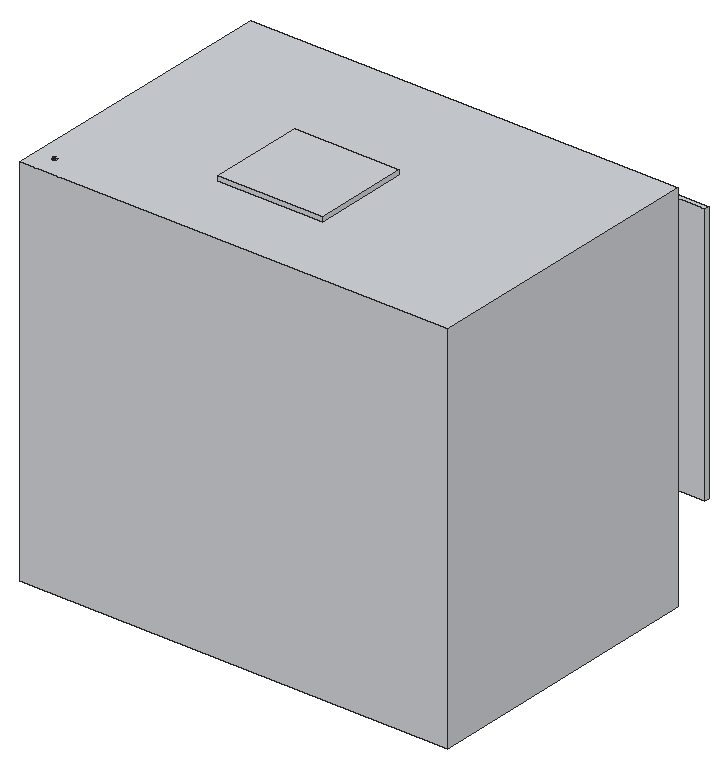
Revit family "M_Ar condicionado - Pacote vertical - Resfriado a ar - 70-211 kW", category Equipamento mecânico, Revit 2019
Family settings
  Cota do conector redondo = Usar raio
  Tipo de parte = Normal
  Número OmniClass = 23.75.10.24.21.27.11
  Título OmniClass = Packaged Air Conditioners
  ID de item do Seek = Air Conditioner - Vertical Packaged - Air Cooled - 70-211 kW-0000-CAN-ENU
  Com base no plano de trabalho = Não
  Sempre na vertical = Sim
  Corte com vazios quando carregada = Não
  Compartilhado = Não
  Ponto de cálculo do ambiente = Não
Parameters (values of type "70 kW")
  Voltagem = 460 V
  Raio da saída = 15 mm
  Diâmetro da saída = Raio da saída * 2  # 30 mm
  Número de pólos = 3
  Material = none
  Classificação de carga = Refrigeração
  Raio da embocadura = 10 mm
  Diâmetro da embocadura = Raio da embocadura * 2  # 20 mm
  Largura do duto 2 = 2400 mm
  Largura do duto 1 = 600 mm
  Altura do duto 2 = 1500 mm
  Altura do duto 1 = 550 mm
  Largura do condicionador = 1651 mm
  Comprimento do condicionador = 2447.9 mm
  Altura do condicionador = 2149.5 mm
  Raio da condensação = 15 mm
  Diâmetro da condensação = Raio da condensação * 2  # 30 mm
  C8 Deslocamento 2 = 596.9 mm
  C8 Deslocamento 1 = 203.2 mm
  C7 Deslocamento 2 = 685.8 mm
  C7 Deslocamento 1 = 800.1 mm
  C6 Deslocamento 2 = 120.7 mm
  C6 Deslocamento 1 = 101.6 mm
  C5 Deslocamento 1 = 1063.6 mm
  C4 Deslocamento 1 = 987.4 mm
  C3 Deslocamento 1 = 898.5 mm
  C2 Deslocamento 2 = 76.2 mm
  C2 Deslocamento 1 = 746.1 mm
  C1 Deslocamento 2 = 308 mm
  C1 Deslocamento 1 = 127 mm
  Carga aparente = 14914 VA
  Fluxo de ar [instance] = 4719.47 L/s
Types (9, lengths in mm): name | Largura do duto 2 | Largura do duto 1 | Altura do duto 2 | Altura do duto 1 | Largura do condicionador | Comprimento do condicionador | Altura do condicionador | C8 Deslocamento 2 | C7 Deslocamento 2 | C7 Deslocamento 1 | C6 Deslocamento 2 | C6 Deslocamento 1 | C5 Deslocamento 1 | C4 Deslocamento 1 | C3 Deslocamento 1 | C2 Deslocamento 1 | C1 Deslocamento 2 | C1 Deslocamento 1 | Carga aparente | Fluxo de ar
  (no name) | 2400 | 600 | 1500 | 550 | 1651 | 2447.9 | 2149.5 | 596.9 | 685.8 | 800.1 | 120.7 | 101.6 | 1063.6 | 987.4 | 898.5 | 746.1 | 308 | 127 | 14914 VA | 4719.47 L/s
  70 kW | 2400 | 600 | 1500 | 550 | 1651 | 2447.9 | 2149.5 | 596.9 | 685.8 | 800.1 | 120.7 | 101.6 | 1063.6 | 987.4 | 898.5 | 746.1 | 308 | 127 | 14914 VA | 4719.47 L/s
  141 kW | 2650 | 850 | 1800 | 800 | 2041.5 | 3060.7 | 2235.2 | 362 | 800.1 | 1112.5 | 139.7 | 120.7 | 1184.3 | 1085.9 | 981.1 | 930.3 | 235 | 152.4 | 22371 VA | 8683.83 L/s
  88 kW | 2400 | 500 | 1500 | 500 | 1651 | 2447.9 | 2149.5 | 596.9 | 589.3 | 800.1 | 120.7 | 101.6 | 1063.6 | 987.4 | 898.5 | 746.1 | 308 | 127 | 14914 VA | 5474.59 L/s
  102 kW | 2050 | 600 | 1500 | 500 | 1651 | 2447.9 | 2149.5 | 596.9 | 589.3 | 810.2 | 120.7 | 101.6 | 1063.6 | 987.4 | 898.5 | 746.1 | 308 | 127 | 14914 VA | 6040.93 L/s
  105 kW | 2100 | 600 | 1500 | 600 | 1651 | 2447.9 | 2149.5 | 596.9 | 541 | 774.7 | 120.7 | 101.6 | 1063.6 | 987.4 | 898.5 | 746.1 | 308 | 127 | 14914 VA | 6607.26 L/s
  123 kW | 2400 | 600 | 1500 | 650 | 1651 | 2447.9 | 2149.5 | 596.9 | 541 | 774.7 | 120.7 | 101.6 | 1063.6 | 987.4 | 898.5 | 746.1 | 308 | 127 | 14914 VA | 7173.6 L/s
  176 kW | 2650 | 850 | 1800 | 800 | 2041.5 | 3060.7 | 2235.2 | 362 | 800.1 | 1112.5 | 139.7 | 120.7 | 1184.3 | 1085.9 | 981.1 | 930.3 | 235 | 152.4 | 22371 VA | 10949.2 L/s
  211 kW | 2650 | 850 | 1800 | 900 | 2041.5 | 3060.7 | 2235.2 | 362 | 726.5 | 1104.9 | 139.7 | 120.7 | 1184.3 | 1085.9 | 981.1 | 930.3 | 235 | 152.4 | 22371 VA | 14064.0 L/s
Reference planes
  plane 1 "Centro (Frente/Trás)": y = 0
  plane 2: z = 0
  plane 3 "Centro (Esquerda/Direita)": x = 0
  plane 4: y = 1651
  plane 5: x = 2447.9
  plane 6: z = 2149.5
  plane 7: z = 308
  plane 8: y = 1524
  plane 9: z = 76.2
  plane 10: y = 904.9
  plane 11: y = 752.5
  plane 12: y = 663.6
  plane 13: y = 587.4
  plane 14: x = -25.4
  plane 15: y = 120.7
  plane 16: x = 101.6
  plane 17: z = 2124.1
  plane 18: x = 800.1
  plane 19: x = 1400.1
  plane 20: y = 965.2
  plane 21: y = 415.2
  plane 22: z = 2174.9
Forms (mm)
  Extrusion 1, solid, material <- "Material"
    sketch origin (0, 0, 0) x (1, 0, 0) y (0, 1, 0)
      loop
        line (0, 1651) -> (0, 0) -> (2447.9, 0) -> (2447.9, 1651) -> (0, 1651)
    from 0 to 2149.5
  Extrusion 2, solid, material <- "Material"
    sketch origin (0, 0, 0) x (0, 1, 0) y (0, 0, 1)
      loop
        circle (1524, 308) r 15
    from -25.4 to 0
  Extrusion 3, solid, material <- "Material"
    sketch origin (0, 0, 0) x (0, 1, 0) y (0, 0, 1)
      loop
        circle (904.9, 76.2) r 10
    from -25.4 to 0
  Extrusion 4, solid, material <- "Material"
    sketch origin (0, 0, 0) x (0, 1, 0) y (0, 0, 1)
      loop
        circle (752.5, 76.2) r 15
    from -25.4 to 0
  Extrusion 5, solid, material <- "Material"
    sketch origin (0, 0, 0) x (0, 1, 0) y (0, 0, 1)
      loop
        circle (663.6, 76.2) r 10
    from -25.4 to 0
  Extrusion 6, solid, material <- "Material"
    sketch origin (0, 0, 0) x (0, 1, 0) y (0, 0, 1)
      loop
        circle (587.4, 76.2) r 15
    from -25.4 to 0
  Extrusion 7, solid, material <- "Material"
    sketch origin (0, 0, 0) x (1, 0, 0) y (0, 1, 0)
      loop
        circle (101.6, 120.7) r 12.7
    from 2124.1 to 2149.5
  Extrusion 8, solid
    sketch origin (0, 0, 0) x (1, 0, 0) y (0, 1, 0)
      loop
        line (800.1, 965.2) -> (800.1, 415.2) -> (1400.1, 415.2) -> (1400.1, 965.2) -> (800.1, 965.2)
    from 2149.5 to 2174.9
  Extrusion 9, solid
    sketch origin (-744.811, 1651, 1219.2) x (-1, 0, 0) y (0, 0, 1)
      loop
        line (-3348.011, 877.7) -> (-3348.011, -622.3) -> (-948.011, -622.3) -> (-948.011, 877.7) -> (-3348.011, 877.7)
    from 0 to 25.4
Dimensions and locks
  "Comprimento do condicionador": plane 3 "Centro (Esquerda/Direita)" to plane 5
  "Altura do condicionador": plane 6 to plane 2
  "C1 Deslocamento 1": plane 4 to plane 8
  "C1 Deslocamento 2": plane 7 to plane 2
  "C2 Deslocamento 2": plane 9 to plane 2
  "C2 Deslocamento 1": plane 4 to plane 10
  "C3 Deslocamento 1": plane 4 to plane 11
  "C4 Deslocamento 1": plane 4 to plane 12
  "C5 Deslocamento 1": plane 4 to plane 13
  locked: plane 14 to plane 3 "Centro (Esquerda/Direita)" at 25.4
  "C6 Deslocamento 1": plane 3 "Centro (Esquerda/Direita)" to plane 16
  "C6 Deslocamento 2": plane 15 to plane 1 "Centro (Frente/Trás)"
  locked: plane 6 to plane 17 at 25.4
  "C7 Deslocamento 1": plane 3 "Centro (Esquerda/Direita)" to plane 18
  "Largura do duto 1": plane 18 to plane 19
  "Largura do condicionador": plane 1 "Centro (Frente/Trás)" to plane 4
  "C7 Deslocamento 2": plane 4 to plane 20
  "Altura do duto 1": plane 20 to plane 21
  plane 1 "Centro (Frente/Trás)" to Extrusion 8 = 965.2 mm
  "C8 Deslocamento 2": plane 2 to Extrusion 9 sketch curve
  plane 5 to plane 3 "Centro (Esquerda/Direita)" = 2447.9 mm
  "Largura do duto 2": Extrusion 9 sketch curve to Extrusion 9 sketch curve
  "C8 Deslocamento 1": Extrusion 9 sketch curve to plane 3 "Centro (Esquerda/Direita)"
  "Altura do duto 2": Extrusion 9 sketch curve to Extrusion 9 sketch curve
  locked: plane 22 to plane 6 at 25.4
  "Raio da condensação": radius of Extrusion 2 sketch curve
  "Raio da embocadura": radius of Extrusion 3 sketch curve
  "Raio da saída": radius of Extrusion 4 sketch curve
  "Raio da embocadura": radius of Extrusion 5 sketch curve
  "Raio da saída": radius of Extrusion 6 sketch curve
  radius of Extrusion 7 sketch curve = 12.7 mm
  aligned and locked: Extrusion 1 to plane 4
  aligned and locked: plane 1 "Centro (Frente/Trás)" to Extrusion 1
  aligned and locked: Extrusion 1 to plane 3 "Centro (Esquerda/Direita)"
  aligned and locked: plane 5 to Extrusion 1
  aligned and locked: plane 6 to Extrusion 1
  aligned and locked: Extrusion 1 to plane 2
  aligned and locked: plane 8 to Extrusion 2 sketch curve
  aligned and locked: plane 7 to Extrusion 2 sketch curve
  aligned and locked: plane 9 to Extrusion 3 sketch curve
  aligned and locked: plane 10 to Extrusion 3 sketch curve
  aligned and locked: plane 9 to Extrusion 4 sketch curve
  aligned and locked: plane 11 to Extrusion 4 sketch curve
  aligned and locked: plane 9 to Extrusion 5 sketch curve
  aligned and locked: plane 12 to Extrusion 5 sketch curve
  aligned and locked: plane 9 to Extrusion 6 sketch curve
  aligned and locked: plane 13 to Extrusion 6 sketch curve
  aligned and locked: Extrusion 2 to plane 14
  aligned and locked: Extrusion 3 to plane 14
  aligned and locked: Extrusion 4 to plane 14
  aligned and locked: Extrusion 5 to plane 14
  aligned and locked: Extrusion 6 to plane 14
  aligned and locked: plane 3 "Centro (Esquerda/Direita)" to Extrusion 2
  aligned and locked: plane 3 "Centro (Esquerda/Direita)" to Extrusion 3
  aligned and locked: plane 3 "Centro (Esquerda/Direita)" to Extrusion 4
  aligned and locked: plane 3 "Centro (Esquerda/Direita)" to Extrusion 5
  aligned and locked: plane 3 "Centro (Esquerda/Direita)" to Extrusion 6
  aligned and locked: plane 15 to Extrusion 7 sketch curve
  aligned and locked: plane 16 to Extrusion 7 sketch curve
  aligned and locked: plane 6 to Extrusion 7
  aligned and locked: Extrusion 7 to plane 17
  aligned and locked: plane 18 to Extrusion 8 sketch curve
  aligned and locked: Extrusion 8 sketch curve to plane 20
  aligned and locked: plane 21 to Extrusion 8 sketch curve
  aligned and locked: Extrusion 8 sketch curve to plane 19
  aligned and locked: Extrusion 8 to plane 6
  aligned and locked: Extrusion 9 to Extrusion 1
  aligned and locked: Extrusion 8 to plane 22
Automatic sketch dimensions
  plane 3 "Centro (Esquerda/Direita)" to Extrusion 1 sketch curve = 0 mm
  Extrusion 1 sketch curve to plane 1 "Centro (Frente/Trás)" = 0 mm
  Extrusion 1 sketch curve to plane 5 = 0 mm
  Extrusion 1 sketch curve to plane 4 = 0 mm
Connectors
  piping at (-25.4, 1524, 308), diameter 30, driven by "Raio da condensação"
    settings: on Extrusion 2, index 1, connector inside diameter 30 mm, connector length 0 mm, flow factor 0, pipe flow 0.0 L/s, pressure drop 0.0 Pa, fitting loss kfactor 0, connector angle 0.00°, fixture units 0, engagement length 0 mm, angle of deflection 0.00°, flow configuration 1, flow direction 2, fitting loss method 0, system type 16, joint type 0, gender type 0, connector reference index -1, connector utility 0, adjustable connector yes, is connector primary yes, connector description "Saída da drenagem"
  piping at (-25.4, 904.9, 76.2), diameter 20, driven by "Raio da embocadura"
    settings: on Extrusion 3, index 2, connector inside diameter 20 mm, connector length 0 mm, flow factor 0, pipe flow 0.0 L/s, pressure drop 0.0 Pa, fitting loss kfactor 0, connector angle 0.00°, fixture units 0, engagement length 0 mm, angle of deflection 0.00°, flow configuration 1, flow direction 1, fitting loss method 0, system type 22, joint type 0, gender type 0, connector reference index 3, connector utility 0, adjustable connector yes, is connector primary no, connector description "Entrada de material criogênico"
  piping at (-25.4, 752.5, 76.2), diameter 30, driven by "Raio da saída"
    settings: on Extrusion 4, index 3, connector inside diameter 30 mm, connector length 0 mm, flow factor 0, pipe flow 0.0 L/s, pressure drop 0.0 Pa, fitting loss kfactor 0, connector angle 0.00°, fixture units 0, engagement length 0 mm, angle of deflection 0.00°, flow configuration 1, flow direction 2, fitting loss method 0, system type 22, joint type 0, gender type 0, connector reference index 2, connector utility 0, adjustable connector no, is connector primary no, connector description "Saída de material criogênico"
  piping at (-25.4, 663.6, 76.2), diameter 20, driven by "Raio da embocadura"
    settings: on Extrusion 5, index 4, connector inside diameter 20 mm, connector length 0 mm, flow factor 0, pipe flow 0.0 L/s, pressure drop 0.0 Pa, fitting loss kfactor 0, connector angle 0.00°, fixture units 0, engagement length 0 mm, angle of deflection 0.00°, flow configuration 1, flow direction 1, fitting loss method 0, system type 22, joint type 0, gender type 0, connector reference index 5, connector utility 0, adjustable connector no, is connector primary no, connector description "Entrada de material criogênico"
  piping at (-25.4, 587.4, 76.2), diameter 30, driven by "Raio da saída"
    settings: on Extrusion 6, index 5, connector inside diameter 30 mm, connector length 0 mm, flow factor 0, pipe flow 0.0 L/s, pressure drop 0.0 Pa, fitting loss kfactor 0, connector angle 0.00°, fixture units 0, engagement length 0 mm, angle of deflection 0.00°, flow configuration 1, flow direction 2, fitting loss method 0, system type 22, joint type 0, gender type 0, connector reference index 4, connector utility 0, adjustable connector no, is connector primary no, connector description "Saída de material criogênico"
  electrical at (101.6, 120.7, 2149.5), driven by "Carga aparente", driven by "Voltagem", driven by "Número de pólos", driven by "Classificação de carga"
    settings: on Extrusion 7, index 6, voltage 460 V, apparent load 14914 VA, apparent load phase1 0 VA, apparent load phase2 0 VA, apparent load phase3 0 VA, power factor 0.8, load classification "Refrigeração", number of poles 3, system type 30, power factor state 1, is connector primary yes, connector utility no, sub classification motor no, connector description ""
  hvac at (1100.1, 690.2, 2174.9), driven by "Fluxo de ar", driven by "Altura do duto 1", driven by "Largura do duto 1"
    settings: on Extrusion 8, index 7, duct flow 4719.47 L/s, flow factor 0, pres drop 0.0 Pa, loss coef 0, conn angle 0.00°, conn width 600 mm, conn height 550 mm, conn diameter 609.6 mm, duct sys type 1, conn prof type 1, flow config 0, flow direction 2, loss method 0, conn ref index 8, conn util no, is conn primary yes, conn desc ""
  hvac at (1403.2, 1676.4, 1346.9), driven by "Fluxo de ar", driven by "Altura do duto 2", driven by "Largura do duto 2"
    settings: on Extrusion 9, index 8, duct flow 4719.47 L/s, flow factor 0, pres drop 0.0 Pa, loss coef 0, conn angle 0.00°, conn width 2400 mm, conn height 1500 mm, conn diameter 609.6 mm, duct sys type 2, conn prof type 1, flow config 0, flow direction 1, loss method 0, conn ref index 7, conn util no, is conn primary no, conn desc ""
